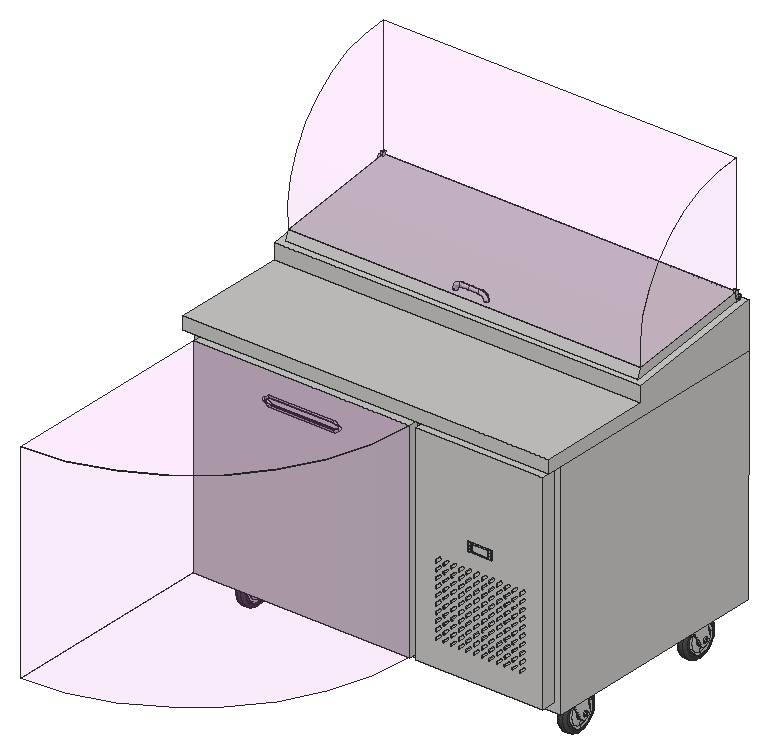
Revit family "QF_Kelvinator_738252_KCHPT50.6", category Specialty Equipment, Revit 2021 (continued)
Definition of nested family "KCHPT"
  Lines and regions (in)
    symbolic lines
      curve 48: line (23.6875, -15.54024, 0) -> (22.37087, -15.54024, 0)
      curve 49: arc (21.73202, -15.49263, 0) -> (22.05056, -15.52832, 0) -> (22.37087, -15.54024, 0) r 4.31013
      curve 50: spline (25.93749, -15.19802, 0) -> (25.93307, -15.15169, 0) -> (25.91999, -15.10699, 0) -> (25.8987, -15.06551, 0) -> (25.86997, -15.0287, 0) -> (25.83481, -14.99786, 0) -> (25.79445, -14.97409, 0) -> (25.75031, -14.95822, 0) -> (25.70397, -14.9508, 0) -> (25.65704, -14.95211, 0) -> (25.61118, -14.9621, 0) -> (25.56802, -14.9804, 0) -> (25.52907, -15.00639, 0)
      curve 51: arc (25.93749, -15.19802, 0) -> (25.85127, -15.40634, 0) -> (25.64298, -15.49263, 0) r 0.29451
      curve 52: line (23.6875, -15.04024, 0) -> (25.09841, -15.04024, 0)
      curve 53: arc (25.52907, -15.00639, 0) -> (25.31441, -15.03177, 0) -> (25.09841, -15.04024, 0) r 2.75609
      curve 54: line (23.6875, -15.54024, 0) -> (25.00413, -15.54024, 0)
      curve 55: arc (25.64298, -15.49263, 0) -> (25.32444, -15.52832, 0) -> (25.00413, -15.54024, 0) r 4.31013
    symbolic lines, visible <- "Show Clearance"
      curve 56: arc (29.20966, -32.25, 0) -> (28.22415, -39.367, 0) -> (25.4598, -45.99883, 0) r 27.99766
      curve 57: line (1.64612, -32.25, 0) -> (25.4598, -45.99883, 0)
  Dimensions and locks (in)
    equal spacing: plane 3 "LEFT", plane 7 "Center Y", plane 4 "RIGHT"
    "Length": plane 3 "LEFT" to plane 4 "RIGHT"
    equal spacing: plane 5 "FRONT", plane 8 "Center X", plane 1 "BACK"
    "Depth": plane 5 "FRONT" to plane 1 "BACK"
    "Height": plane 6 "TOP" to level
    plane 5 "FRONT" to plane 1 "BACK" = 32 1/4"
    plane 9 to plane 1 "BACK" = 58.9"
    plane 10 to plane 1 "BACK" = 17.4"
    plane 11 to plane 12 = 28.3"
    plane 13 to plane 11 = 5.9"
    plane 6 "TOP" to plane 12 = 35 1/2"
    plane 14 to plane 11 = 1.6"
    level to plane 15 = 5 1/2"
    plane 17 to plane 16 = 26.8"
    Extrusion 11 to Extrusion 12 = 26.55244"
    aligned and locked: level to plane 2
    aligned and locked: Extrusion 22 to Extrusion 1
  Automatic sketch dimensions
    Extrusion 1 sketch curve to plane 11 = 0"
    plane 15 to Extrusion 1 sketch curve = 0"
    Extrusion 1 sketch curve to plane 1 "BACK" = 0"
    Extrusion 1 sketch curve to plane 5 "FRONT" = 2"
    Extrusion 1 to Extrusion 2 sketch curve = 0.95244"
    Extrusion 2 sketch curve to Extrusion 1 = 0.9809"
    Extrusion 1 to Extrusion 2 sketch curve = 17.40392"
    Extrusion 1 to Extrusion 2 sketch curve = 0.95197"
    Extrusion 3 sketch curve to plane 5 "FRONT" = 0"
    Extrusion 3 sketch curve to plane 10 = 0"
    Extrusion 3 sketch curve to plane 1 "BACK" = 0"
    Extrusion 3 sketch curve to plane 11 = 0"
    Extrusion 3 sketch curve to plane 14 = 0"
    Extrusion 3 sketch curve to plane 13 = 0"
    Extrusion 3 sketch curve to Extrusion 3 sketch curve = 2"
    Extrusion 4 sketch curve to plane 8 "Center X" = 0"
    Extrusion 4 sketch curve to plane 8 "Center X" = 0.50126"
    Extrusion 4 sketch curve to plane 6 "TOP" = 0.38798"
    plane 1 "BACK" to Extrusion 4 sketch curve = 0.73136"
    Extrusion 4 sketch curve to plane 13 = 0.07935"
    plane 1 "BACK" to Extrusion 4 sketch curve = 0.60032"
    Extrusion 5 sketch curve to plane 13 = 0.07935"
    plane 1 "BACK" to Extrusion 5 sketch curve = 0.60032"
    plane 1 "BACK" to Extrusion 5 sketch curve = 0.54253"
    Extrusion 5 sketch curve to plane 13 = 0.05942"
    Extrusion 5 sketch curve to Extrusion 5 sketch curve = 0.15078"
    Extrusion 5 sketch curve to plane 6 "TOP" = 0.47918"
    Extrusion 5 sketch curve to Extrusion 5 sketch curve = 0.17678"
    Extrusion 6 sketch curve to plane 6 "TOP" = 0"
    Extrusion 6 sketch curve to plane 6 "TOP" = 0.4535"
    plane 1 "BACK" to Extrusion 6 sketch curve = 0.97488"
    Extrusion 6 sketch curve to Extrusion 6 sketch curve = 0.03494"
    Extrusion 6 sketch curve to plane 6 "TOP" = 0.10315"
    Extrusion 6 sketch curve to Extrusion 6 sketch curve = 0.05955"
    Extrusion 6 sketch curve to plane 13 = 0.14487"
    plane 1 "BACK" to Extrusion 6 sketch curve = 0.84383"
    Extrusion 6 sketch curve to Extrusion 6 sketch curve = 0.24784"
    Extrusion 6 sketch curve to plane 6 "TOP" = 0.30034"
    Extrusion 6 sketch curve to Extrusion 6 sketch curve = 0.03226"
    Extrusion 6 sketch curve to plane 6 "TOP" = 0.26026"
    Extrusion 6 sketch curve to Extrusion 6 sketch curve = 0.04008"
    Extrusion 6 sketch curve to Extrusion 6 sketch curve = 0.01467"
    Extrusion 6 sketch curve to plane 6 "TOP" = 0.25129"
    Extrusion 6 sketch curve to Extrusion 6 sketch curve = 0.03347"
    Extrusion 6 sketch curve to plane 6 "TOP" = 0.06671"
    Extrusion 6 sketch curve to Extrusion 6 sketch curve = 0.0376"
    Extrusion 6 sketch curve to plane 6 "TOP" = 0.16845"
    Extrusion 6 sketch curve to Extrusion 6 sketch curve = 0.10174"
    Extrusion 6 sketch curve to plane 13 = 0.07935"
    Extrusion 6 sketch curve to plane 6 "TOP" = 0.45216"
    Extrusion 6 sketch curve to Extrusion 6 sketch curve = 0.12039"
    Extrusion 7 sketch curve to plane 6 "TOP" = 0"
    Extrusion 7 sketch curve to plane 6 "TOP" = 0.4535"
    plane 1 "BACK" to Extrusion 7 sketch curve = 0.97488"
    Extrusion 7 sketch curve to Extrusion 7 sketch curve = 0.03494"
    Extrusion 7 sketch curve to plane 6 "TOP" = 0.10315"
    Extrusion 7 sketch curve to Extrusion 7 sketch curve = 0.05955"
    Extrusion 7 sketch curve to plane 13 = 0.14487"
    plane 1 "BACK" to Extrusion 7 sketch curve = 0.84383"
    Extrusion 7 sketch curve to Extrusion 7 sketch curve = 0.24784"
    Extrusion 7 sketch curve to plane 6 "TOP" = 0.30034"
    Extrusion 7 sketch curve to Extrusion 7 sketch curve = 0.03226"
    Extrusion 7 sketch curve to plane 6 "TOP" = 0.26026"
    Extrusion 7 sketch curve to Extrusion 7 sketch curve = 0.04008"
    Extrusion 7 sketch curve to Extrusion 7 sketch curve = 0.05475"
    Extrusion 7 sketch curve to plane 6 "TOP" = 0.25129"
    Extrusion 7 sketch curve to Extrusion 7 sketch curve = 0.03347"
    Extrusion 7 sketch curve to plane 6 "TOP" = 0.06671"
    Extrusion 7 sketch curve to Extrusion 7 sketch curve = 0.0376"
    Extrusion 7 sketch curve to plane 6 "TOP" = 0.16845"
    Extrusion 7 sketch curve to Extrusion 7 sketch curve = 0.10174"
    Extrusion 7 sketch curve to plane 13 = 0.07935"
    Extrusion 7 sketch curve to plane 6 "TOP" = 0.45216"
    Extrusion 7 sketch curve to Extrusion 7 sketch curve = 0.12039"
    Revolve 8 sketch curve to plane 6 "TOP" = 67/128"
    Revolve 8 sketch curve to Revolve 8 sketch curve = 0.05054"
    Revolve 8 sketch curve to Revolve 8 sketch curve = 0.15163"
    plane 3 "LEFT" to Revolve 8 sketch curve = 0.25604"
    Revolve 8 sketch curve to Revolve 8 sketch curve = 0.03568"
    Revolve 8 sketch curve to Revolve 8 sketch curve = 0.34423"
    Revolve 8 sketch curve to Revolve 8 sketch curve = 0"  (x2)
    plane 3 "LEFT" to Revolve 8 sketch curve = 0.07467"
    Revolve 9 sketch curve to plane 6 "TOP" = 67/128"
    Revolve 9 sketch curve to Revolve 9 sketch curve = 0.05054"
    Revolve 9 sketch curve to Revolve 9 sketch curve = 0.15163"
    plane 4 "RIGHT" to Revolve 9 sketch curve = 0.81563"
    plane 4 "RIGHT" to Revolve 9 sketch curve = 0.4714"
    Revolve 9 sketch curve to Revolve 9 sketch curve = 0.03568"
    Revolve 9 sketch curve to Revolve 9 sketch curve = 0"  (x2)
    plane 4 "RIGHT" to Revolve 9 sketch curve = 0.25436"
    Sweep 10 sketch curve to plane 7 "Center Y" = 0"
    Sweep 10 sketch curve to Sweep 10 sketch curve = 3/4"  (x2)
    Sweep 10 sketch curve to Sweep 10 sketch curve = 1 1/4"
    plane 7 "Center Y" to Sweep 10 sketch curve = 1 1/4"
    Sweep 10 sketch curve to Sweep 10 sketch curve = 3/16"  (x2)
    profile plane to Sweep 10 sketch curve = 0"  (x2)
    Extrusion 1 to Extrusion 11 sketch curve = 0.95244"
    Extrusion 11 sketch curve to Extrusion 1 = 0.9809"
    Extrusion 1 to Extrusion 11 sketch curve = 1.21311"
    Extrusion 1 to Extrusion 11 sketch curve = 18.16423"
    plane 16 to Extrusion 12 sketch curve = 0.55"
    Extrusion 12 sketch curve to plane 5 "FRONT" = 1.38811"
    Extrusion 12 sketch curve to Extrusion 12 sketch curve = 1/4"
    Extrusion 12 sketch curve to plane 17 = 0"
    plane 16 to Extrusion 13 sketch curve = 0.55"
    Extrusion 13 sketch curve to plane 5 "FRONT" = 1.63811"
    Extrusion 13 sketch curve to Extrusion 13 sketch curve = 0.2269"
    Extrusion 13 sketch curve to plane 17 = 0"
    plane 16 to Extrusion 14 sketch curve = 0.55"
    Extrusion 14 sketch curve to plane 5 "FRONT" = 1.86501"
    Extrusion 14 sketch curve to Extrusion 14 sketch curve = 0.13499"
    Extrusion 14 sketch curve to plane 17 = 0"
    plane 4 "RIGHT" to Extrusion 15 sketch curve = 7.5514"
    Extrusion 15 sketch curve to Extrusion 15 sketch curve = 0.07874"  (x3)
    Extrusion 15 sketch curve to Extrusion 15 sketch curve = 0"  (x7)
    Extrusion 15 sketch curve to Extrusion 15 sketch curve = 0.3937"  (x2)
    Extrusion 15 sketch curve to Extrusion 15 sketch curve = 0.07748"  (x3)
    Extrusion 15 sketch curve to Extrusion 15 sketch curve = 2.04976"
    plane 16 to Extrusion 15 sketch curve = 12.1219"
    Extrusion 15 sketch curve to Extrusion 15 sketch curve = 0.07665"  (x3)
    Extrusion 15 sketch curve to Extrusion 15 sketch curve = 1/256"
    Extrusion 15 sketch curve to Extrusion 15 sketch curve = 0.31914"  (x6)
    Extrusion 15 sketch curve to Extrusion 15 sketch curve = 0.03519"  (x4)
    Extrusion 15 to Extrusion 16 sketch curve = 0"  (x10)
    Extrusion 16 sketch curve to Extrusion 15 = 0"  (x14)
    Extrusion 17 sketch curve to Extrusion 15 = 0"  (x3)
    Extrusion 15 to Extrusion 17 sketch curve = 0"
    plane 4 "RIGHT" to Extrusion 18 sketch curve = 7.5514"
    Extrusion 18 sketch curve to Extrusion 18 sketch curve = 3.14961"
    plane 16 to Extrusion 18 sketch curve = 12.1219"
    Extrusion 18 sketch curve to Extrusion 18 sketch curve = 1.1811"
    plane 16 to Extrusion 19 sketch curve = 4.17406"
    plane 3 "LEFT" to Extrusion 19 sketch curve = 10.5334"  (x2)
    Extrusion 19 sketch curve to Extrusion 19 sketch curve = 0.3367"
    Extrusion 19 sketch curve to Extrusion 19 sketch curve = 0.33813"  (x2)
    Extrusion 19 sketch curve to Extrusion 19 sketch curve = 0.09937"  (x2)
    Extrusion 19 sketch curve to Extrusion 19 sketch curve = 0.1008"
    Extrusion 19 sketch curve to Extrusion 19 sketch curve = 0.063"
    Extrusion 19 sketch curve to Extrusion 19 sketch curve = 0.53872"  (x2)
    Extrusion 19 sketch curve to Extrusion 19 sketch curve = 8.35"
    Extrusion 19 sketch curve to Extrusion 19 sketch curve = 0"
    Extrusion 19 sketch curve to Extrusion 19 sketch curve = 0.47889"
    Extrusion 19 sketch curve to Extrusion 19 sketch curve = 0.06211"
    plane 3 "LEFT" to Sweep 20 sketch curve = 11.07213"
    plane 16 to Sweep 20 sketch curve = 3.29906"
    plane 3 "LEFT" to Sweep 20 sketch curve = 10.5334"  (x2)
    Sweep 20 sketch curve to Sweep 20 sketch curve = 0.3367"
    Sweep 20 sketch curve to Sweep 20 sketch curve = 0.33813"  (x2)
    Sweep 20 sketch curve to Sweep 20 sketch curve = 0.09937"  (x2)
    Sweep 20 sketch curve to Sweep 20 sketch curve = 0.1008"
    Sweep 20 sketch curve to Sweep 20 sketch curve = 0.063"
    Sweep 20 sketch curve to Sweep 20 sketch curve = 0.53872"
    Sweep 20 sketch curve to Sweep 20 sketch curve = 8.35"
    Sweep 20 sketch curve to Sweep 20 sketch curve = 0"
    Sweep 20 sketch curve to Sweep 20 sketch curve = 0.47889"
    Sweep 20 sketch curve to Sweep 20 sketch curve = 0.06211"
    Sweep 20 sketch curve to profile plane = 0"
    Sweep 20 sketch curve to profile plane = 1/8"
    profile plane to Sweep 20 sketch curve = 2.67809"
    Sweep 20 sketch curve to Sweep 20 sketch curve = 0.12191"
    Extrusion 21 sketch curve to Extrusion 2 = 13.01034"
    Extrusion 21 sketch curve to Extrusion 2 = 3.10749"  (x7)
    Extrusion 21 sketch curve to Extrusion 21 sketch curve = 0"  (x11)
    Extrusion 21 sketch curve to Extrusion 2 = 5.43821"  (x3)
    Extrusion 21 sketch curve to Extrusion 2 = 3.43821"  (x7)
    Extrusion 21 sketch curve to Extrusion 2 = 6.07624"
    Extrusion 21 sketch curve to Extrusion 2 = 6.43821"
    Extrusion 21 sketch curve to Extrusion 2 = 4.10749"  (x5)
    Extrusion 21 sketch curve to Extrusion 2 = 4.43821"  (x5)
    Extrusion 21 sketch curve to Extrusion 2 = 2.46946"  (x9)
    Extrusion 21 sketch curve to Extrusion 2 = 5.10749"  (x3)
    Extrusion 21 sketch curve to Extrusion 21 sketch curve = 0.10401"  (x596)
    Extrusion 21 sketch curve to Extrusion 2 = 3.23018"  (x8)
    Extrusion 21 sketch curve to Extrusion 2 = 6.28426"  (x4)
    Extrusion 21 sketch curve to Extrusion 2 = 3.31551"  (x8)
    Extrusion 21 sketch curve to Extrusion 2 = 7.25301"  (x2)
    Extrusion 21 sketch curve to Extrusion 2 = 6.23018"  (x4)
    Extrusion 21 sketch curve to Extrusion 2 = 2.26143"  (x10)
    Extrusion 21 sketch curve to Extrusion 2 = 5.31551"  (x5)
    Extrusion 21 sketch curve to Extrusion 2 = 8.19893"
    Extrusion 21 sketch curve to Extrusion 2 = 4.31551"  (x7)
    Extrusion 21 sketch curve to Extrusion 2 = 7.19893"  (x3)
    Extrusion 21 sketch curve to Extrusion 2 = 4.23018"  (x7)
    Extrusion 21 sketch curve to Extrusion 2 = 5.23018"  (x5)
    Extrusion 21 sketch curve to Extrusion 21 sketch curve = 0.3223"  (x166)
    Extrusion 21 sketch curve to Extrusion 2 = 2.99979"  (x7)
    Extrusion 21 sketch curve to Extrusion 2 = 4.57716"  (x4)
    Extrusion 21 sketch curve to Extrusion 2 = 4.96854"  (x3)
    Extrusion 21 sketch curve to Extrusion 2 = 3.57716"  (x6)
    Extrusion 21 sketch curve to Extrusion 2 = 3.96854"  (x5)
    Extrusion 21 sketch curve to Extrusion 2 = 5.54591"  (x2)
    Extrusion 21 sketch curve to Extrusion 2 = 5.96854"
    Extrusion 21 sketch curve to Extrusion 2 = 2.57716"  (x8)
    Extrusion 21 sketch curve to Extrusion 21 sketch curve = 0.53033"  (x10)
    Extrusion 21 sketch curve to Extrusion 2 = 7.72268"
    Extrusion 21 sketch curve to Extrusion 2 = 7.72926"
    Extrusion 21 sketch curve to Extrusion 2 = 4.76051"  (x6)
    Extrusion 21 sketch curve to Extrusion 2 = 3.76051"  (x7)
    Extrusion 21 sketch curve to Extrusion 2 = 5.75393"  (x4)
    Extrusion 21 sketch curve to Extrusion 2 = 6.76051"  (x3)
    Extrusion 21 sketch curve to Extrusion 2 = 4.78518"  (x6)
    Extrusion 21 sketch curve to Extrusion 2 = 2.79176"  (x9)
    Extrusion 21 sketch curve to Extrusion 2 = 3.78518"  (x7)
    Extrusion 21 sketch curve to Extrusion 2 = 6.72268"  (x3)
    Extrusion 21 sketch curve to Extrusion 2 = 2.78518"  (x9)
    Extrusion 21 sketch curve to Extrusion 2 = 5.76051"  (x4)
    Extrusion 21 sketch curve to Extrusion 21 sketch curve = 0.26164"  (x134)
    Extrusion 21 sketch curve to Extrusion 21 sketch curve = 0.24112"  (x12)
    Extrusion 21 sketch curve to Extrusion 21 sketch curve = 0.20803"  (x48)
    Extrusion 21 sketch curve to Extrusion 21 sketch curve = 0.23039"  (x21)
    Extrusion 22 sketch curve to Extrusion 1 = 1.18418"
    Extrusion 22 sketch curve to Extrusion 1 = 23 11/16"
    Extrusion 23 sketch curve to Extrusion 4 = 0"  (x5)
    Extrusion 11 to Extrusion 24 sketch curve = 0"
    Extrusion 24 sketch curve to Extrusion 11 = 0"  (x2)
    plane 1 "BACK" to curve 1 = 0"
    curve 1 to plane 3 "LEFT" = 0"
    curve 7 to plane 8 "Center X" = 0"
    curve 52 to plane 7 "Center Y" = 0"
    curve 48 to plane 7 "Center Y" = 0"
    curve 3 to plane 4 "RIGHT" = 0"
    plane 5 "FRONT" to curve 1 = 0"
    curve 2 to plane 10 = 0"
    plane 3 "LEFT" to curve 24 = 0.25604"
    curve 22 to curve 25 = 0.03568"
    curve 25 to curve 15 = 0.34423"
    plane 3 "LEFT" to curve 8 = 0.80534"
    curve 8 to curve 28 = 0.11168"
    curve 56 to plane 5 "FRONT" = 1/4"
    plane 3 "LEFT" to curve 56 = 1.21311"
    curve 18 to curve 16 = 0.50201"
    plane 8 "Center X" to curve 45 = 0.92688"
    curve 45 to plane 7 "Center Y" = 1.95548"
    curve 47 to plane 7 "Center Y" = 1.41091"
    curve 47 to curve 49 = 0.09428"
    plane 7 "Center Y" to curve 55 = 1.31663"
    curve 55 to curve 53 = 0.09428"
    curve 52 to curve 51 = 0.54457"
    plane 1 "BACK" to curve 42 = 0.71931"
    plane 4 "RIGHT" to curve 42 = 1.52593"
    curve 17 to curve 41 = 0.42922"
    plane 4 "RIGHT" to curve 6 = 0.95197"
    curve 9 to curve 34 = 0.13634"
    curve 34 to curve 39 = 0.34423"
    curve 37 to curve 37 = 0.03568"
    curve 6 to plane 8 "Center X" = 0.50126"
    plane 8 "Center X" to curve 48 = 0.58476"
    curve 54 to curve 51 = 0.34212"
    curve 54 to curve 52 = 1/2"
    curve 46 to curve 47 = 2.75609"
    curve 52 to curve 53 = 2.75609"
    curve 53 to curve 55 = 1.05403"
    curve 47 to curve 49 = 1.05403"
    plane 1 "BACK" to curve 38 = 0.97818"
    plane 1 "BACK" to curve 26 = 0.97818"
    curve 15 to curve 28 = 0.00331"
    curve 34 to curve 41 = 0.00331"
    curve 25 to curve 22 = 0.05054"
    curve 38 to curve 36 = 0.05054"
    curve 22 to curve 22 = 0.30326"
    curve 35 to curve 35 = 0.30326"
    curve 24 to curve 27 = 0.05054"
    curve 37 to curve 40 = 0.05054"
    curve 16 to curve 16 = 0.26976"
    curve 57 to plane 5 "FRONT" = 0"
    curve 56 to curve 57 = 0.43301"
    curve 44 to curve 45 = 0.29451"
    curve 44 to curve 44 = 0"
    curve 44 to curve 45 = 0.04452"
    curve 45 to curve 44 = 0.11391"
    curve 53 to curve 51 = 0.11391"
    curve 51 to curve 50 = 0.04452"
    curve 50 to curve 51 = 1/4"
    curve 51 to curve 50 = 0"
    plane 7 "Center Y" to curve 56 = 5.52216"
    curve 57 to plane 9 = 12.90117"
    curve 41 to curve 29 = 0.03494"
    curve 14 to curve 10 = 0.03494"
    curve 10 to curve 11 = 0.05955"
    curve 29 to curve 30 = 0.05955"
    curve 30 to curve 18 = 0.14902"
    curve 18 to curve 43 = 0.13104"
    curve 16 to curve 21 = 0.11899"
    curve 21 to curve 12 = 0.0167"
    curve 31 to curve 40 = 0.00979"
    curve 21 to curve 19 = 0.05779"
    curve 40 to curve 32 = 0.09196"
    curve 12 to curve 13 = 0.10174"
    curve 32 to curve 33 = 0.13374"
    curve 32 to curve 34 = 0.13374"
    curve 13 to curve 15 = 0.13374"
    curve 13 to curve 14 = 0.13374"
    plane 5 "FRONT" to curve 56 = 0"
    radius of Sweep 10 sketch curve = 1/4"
    radius of Extrusion 22 sketch curve = 1/4"
  Nested families (in)
    nested 1: "6 INCHES 02_CASTER" at (44.5, -25.4, 0), type "6 INCHES 02_CASTER"
      with Type Mark "", Specification by User "", Show Casters yes, Revision Code "", Item Number "", Installed By "", Identify Quantity as Lot yes, Furnished By "", Foodservice Equipment Identifier yes
    nested 2: "6 INCHES 02_CASTER" at (2.875, -25.4, 0), type "6 INCHES 02_CASTER"
      with Type Mark "", Specification by User "", Show Casters yes, Revision Code "", Item Number "", Installed By "", Identify Quantity as Lot yes, Furnished By "", Foodservice Equipment Identifier yes
    nested 3: "6 INCHES 02_CASTER" at (44.5, -6.025, 0), type "6 INCHES 02_CASTER"
      with Type Mark "", Specification by User "", Show Casters yes, Revision Code "", Item Number "", Installed By "", Identify Quantity as Lot yes, Furnished By "", Foodservice Equipment Identifier yes
    nested 4: "6 INCHES 02_CASTER" at (2.875, -6.025, 0), type "6 INCHES 02_CASTER"
      with Type Mark "", Specification by User "", Show Casters yes, Revision Code "", Item Number "", Installed By "", Identify Quantity as Lot yes, Furnished By "", Foodservice Equipment Identifier yes
  Definition of nested family "6 INCHES 02_CASTER"
    Parameters (values of type "6 INCHES 02_CASTER")
      Weight = ""
      URL Manufacturer = ""
      URL Cutsheet = ""
      URL = ""
      Type Mark [instance] = ""
      Specification by User [instance] = ""
      Specification by Manufacturer = ""
      Show Casters [instance] = yes
      Serial Number = ""
      Seismic Rating = ""
      SMACNA No = ""
      Revision Code [instance] = ""
      Omniclass Number and Title = ""
      NAFEM Spec ID Number = ""
      Model = ""
      MasterSpec. = ""
      Manufacturer = ""
      Item Number [instance] = ""
      Installed By [instance] = ""
      Identify Quantity as Lot [instance] = yes
      Furnished By [instance] = ""
      Foodservice Equipment Identifier [instance] = yes
      Description = ""
      Default Elevation = 0"
      CSI MasterFormat = ""
      CSI Master Format = ""
    Reference planes (in)
      plane 1 "BACK": y = 0
      plane 2: z = 0
      plane 3 "LEFT": x = 0
      plane 4 "RIGHT": x = 0
      plane 5 "FRONT": y = 0
      plane 6 "TOP": z = 5.5
    Forms (in)
      Revolve 1, solid, visible <- "Show Casters"
        sketch origin (-2.21793, 0, -0.25) x (-1, 0, 0) y (0, 0, 1)
          loop
            line (-2.21793, 5.75) -> (-2.21793, 5.55584) -> (-0.71818, 5.55584) -> (-0.71818, 5.75) -> (-2.21793, 5.75)
          axis (-2.21793, 5.55584) -> (-2.21793, 5.75)
        angle from 0 to 360
      Extrusion 2, solid, visible <- "Show Casters"
        sketch origin (0.25594, 2.08988, -0.1875) x (0, 1, 0) y (0, 0, 1)
          loop
            line (-3.37793, 5.49334) -> (-3.37793, 5.24334) -> (-1.67236, 2.30765)
            arc (-1.67236, 2.30765) -> (-0.65502, 1.97635) -> (-0.25363, 2.96812) r 0.78437
            line (-0.25363, 2.96812) -> (-0.80182, 5.49334) -> (-3.37793, 5.49334)
        from 0.78968 to 0.90247
      Extrusion 3, solid, visible <- "Show Casters"
        sketch origin (-0.25594, 2.08988, -0.1875) x (0, 1, 0) y (0, 0, -1)
          loop
            line (-3.37793, -5.24334) -> (-3.37793, -5.49334) -> (-0.80182, -5.49334) -> (-0.25363, -2.96812)
            arc (-0.25363, -2.96812) -> (-0.65502, -1.97635) -> (-1.67236, -2.30765) r 0.78437
            line (-1.67236, -2.30765) -> (-3.37793, -5.24334)
        from 0.78968 to 0.90247
      Extrusion 4, solid, visible <- "Show Casters"
        sketch origin (0, -0.12806, 0.75) x (0, 1, 0) y (0, 0, 1)
          loop
            line (-1.16, 4.55584) -> (-1.16, 4.30584) -> (1.41611, 4.30584) -> (1.41611, 4.55584) -> (-1.16, 4.55584)
        from -1.04562 to 1.04562
      Revolve 5, solid, visible <- "Show Casters"
        sketch origin (-1.9375, 1.11772, -0.12802) x (1, 0, 0) y (0, 0, 1)
          loop
            line (0.5843, 2.5666) -> (0.5843, 2.4286) -> (0.6343, 2.3786) -> (0.6943, 2.3786) -> (0.6943, 2.2429) -> (1.1725, 2.2429) -> (1.1725, 1.84743) -> (1.30191, 1.77271) -> (1.42647, 1.00302) -> (1.28125, 1.00302) -> (1.28125, 0.75302) -> (1.3125, 0.75302) -> (1.3125, 0.50302)
            arc (1.3125, 0.50302) -> (1.42233, 0.23785) -> (1.6875, 0.12802) r 0.375
            line (1.6875, 0.12802) -> (2.1875, 0.12802)
            arc (2.1875, 0.12802) -> (2.45267, 0.23785) -> (2.5625, 0.50302) r 0.375
            line (2.5625, 0.50302) -> (2.5625, 0.75302) -> (2.59375, 0.75302) -> (2.59375, 1.00302) -> (2.44853, 1.00302) -> (2.57366, 1.77622) -> (2.7025, 1.85061) -> (2.7025, 2.2429) -> (3.1807, 2.2429) -> (3.1807, 2.3786) -> (3.2407, 2.3786) -> (3.2907, 2.4286) -> (3.2907, 2.5666) -> (0.5843, 2.5666)
          axis (0.5843, 2.5666) -> (3.2907, 2.5666)
        angle from 0 to 360
    Cuts and joins
      joined: Extrusion 2, Extrusion 3, Extrusion 4
    Lines and regions (in)
      symbolic lines, visible <- "Show Casters"
        curve 1: line (0.45873, 2.04243, 0) -> (1.54127, 1.41743, 0)
        curve 2: line (-1.54127, -1.42167, 0) -> (-0.79127, -0.12263, 0)
        curve 3: line (-0.45873, -2.04667, 0) -> (-1.54127, -1.42167, 0)
        curve 4: line (1.54127, 1.41743, 0) -> (0.79127, 0.11839, 0)
        curve 5: line (-0.29127, 0.74339, 0) -> (0.45873, 2.04243, 0)
        curve 6: line (0.29127, -0.74763, 0) -> (-0.45873, -2.04667, 0)
    Dimensions and locks (in)
      plane 6 "TOP" to level = 5 1/2"  (x2)
      aligned and locked: level to plane 2
